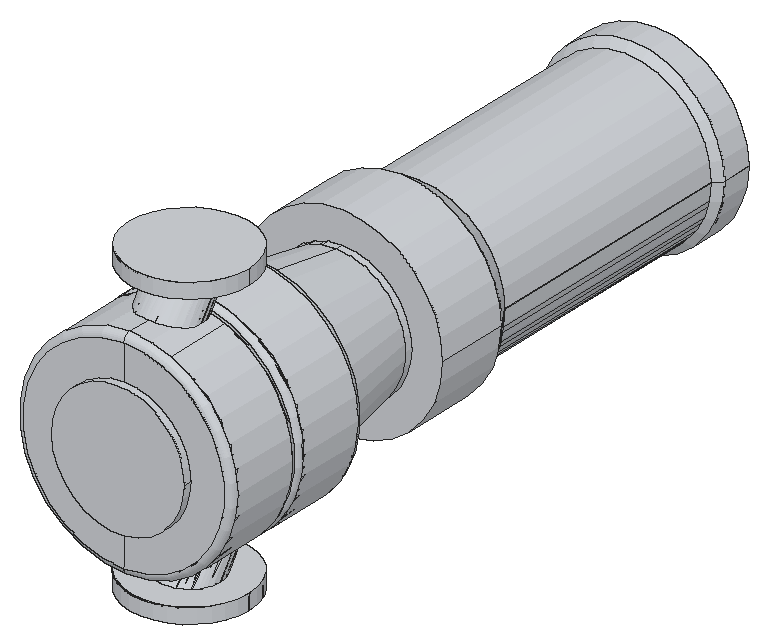
Revit family "M_Bomba em linha - Circulador", category Equipamento mecânico, Revit 2019
Family settings
  Cota do conector redondo = Usar raio
  Classificação = Bomba
  Tipo de parte = Quebra em
  Número OmniClass = 23.60.30.21
  Título OmniClass = Pumps
  ID de item do Seek = Inline Pump - Circulator-0000-CAN-ENU
  Com base no plano de trabalho = Não
  Sempre na vertical = Sim
  Corte com vazios quando carregada = Não
  Compartilhado = Não
  Ponto de cálculo do ambiente = Não
Parameters (values of type "3,9 LPS - 0,8 Extremidade do medidor")
  Voltagem = 460 V
  Raio externo da sucção = Diâmetro externo da sucção / 2  # 26.25 mm
  Diâmetro externo da sucção = Diâmetro nominal da sucção + 12.5 mm  # 52.5 mm
  Raio nominal da sucção = 20 mm
  Diâmetro nominal da sucção = 2 * Raio nominal da sucção  # 40 mm
  Raio 3 = Raio externo 4 + 25.4 mm  # 56.432 mm
  Raio 2 = Raio externo 2 - 12.7 mm  # 72.8 mm
  Raio 1 = Raio externo 2 - 6.35 mm  # 79.15 mm
  RPM [instance] = 1450
  Material da bomba = none
  Raio externo 4 = Diâmetro externo 4 / 2  # 31.032 mm
  Raio externo 2 = Diâmetro externo 2 / 2  # 85.5 mm
  Raio externo 1 = Diâmetro externo 1 / 2  # 92 mm
  Diâmetro externo 4 = 0.18 * Comprimento 2  # 62.064 mm
  Diâmetro externo 2 = 171 mm
  Diâmetro externo 1 = 184 mm
  Número de pólos = 3
  Classificação de carga = Eletrodoméstico - Unidade de interrupção
  Comprimento 4 = (Altura da flange - Raio externo 1 - 6.35 mm) * tan(34.00°)  # 21.348 mm
  Comprimento 3 = Comprimento 2 * 0.18  # 62.064 mm
  Comprimento 2 = 0.8 * Comprimento 1  # 344.8 mm
  Comprimento 1 = 431 mm
  Largura da habitação = 152 mm
  Raio da flange = Diâmetro da flange / 2  # 51 mm
  Altura da flange = 130 mm
  Diâmetro da flange = 102 mm
  Raio nominal da descarga = 20 mm
  Diâmetro nominal da descarga = 2 * Raio nominal da descarga  # 40 mm
  Carga aparente = 542 VA
Types (3, lengths in mm): name | Raio externo da sucção | Diâmetro externo da sucção | Raio nominal da sucção | Diâmetro nominal da sucção | Raio 3 | Raio 2 | Raio 1 | Raio externo 4 | Raio externo 2 | Raio externo 1 | Diâmetro externo 4 | Diâmetro externo 2 | Diâmetro externo 1 | Comprimento 4 | Comprimento 3 | Comprimento 2 | Comprimento 1 | Raio da flange | Altura da flange | Diâmetro da flange | Raio nominal da descarga | Diâmetro nominal da descarga | Carga aparente
  (no name) | 26.25 | 52.5 | 20 | 40 | 56.432 | 72.8 | 79.15 | 31.032 | 85.5 | 92 | 62.064 | 171 | 184 | 21.348 | 62.064 | 344.8 | 431 | 51 | 130 | 102 | 20 | 40 | 542 VA
  3,9 LPS - 0,8 Extremidade do medidor | 26.25 | 52.5 | 20 | 40 | 56.432 | 72.8 | 79.15 | 31.032 | 85.5 | 92 | 62.064 | 171 | 184 | 21.348 | 62.064 | 344.8 | 431 | 51 | 130 | 102 | 20 | 40 | 542 VA
  4,6 LPS - 2,9 Extremidade do medidor | 31.25 | 62.5 | 25 | 50 | 67.376 | 100.8 | 107.15 | 41.976 | 113.5 | 127 | 83.952 | 227 | 254 | 34.164 | 83.952 | 466.4 | 583 | 57 | 184 | 114 | 25 | 50 | 1254 VA
Reference planes
  plane 1 "Centro (Frente/Trás)": y = 0
  plane 2: z = 0
  plane 3 "Centro (Esquerda/Direita)": x = 0
  plane 4: z = 130
  plane 5: z = 260
  plane 6: z = 222
  plane 7: z = 38
  plane 8: y = 76
  plane 9: y = -76
  plane 10: y = 69.65
  plane 11: y = -69.65
  plane 12: y = 63.3
  plane 13: y = -63.3
  plane 14: z = 215.65
  plane 15: z = 44.35
  plane 16: y = 6.35
  plane 17: y = -6.35
  plane 18: y = 507
  plane 19: y = 215.5
  plane 20: y = 162.2
  plane 21: y = 224.264
  plane 22: y = 243.314
  plane 23: y = 155.85
  plane 24: z = 57.2
  plane 25: y = 494.3
  plane 26: y = 468.9
  plane 27: y = 462.55
  plane 28: z = 247.3
  plane 29: z = 12.7
  plane 30: y = 21.348
  plane 31: y = -21.348
  plane 32: x = -92
  plane 33: x = 92
Forms (mm)
  Revolve 1, solid, material <- "Material da bomba"
    sketch origin (0, 0, 0) x (0, 1, 0) y (0, 0, 1)
      loop
        line (69.65, 130) -> (69.65, 215.65)
        arc (69.65, 215.65) -> (67.79, 220.14) -> (63.3, 222) r 6.35
        line (63.3, 222) -> (6.35, 222)
        arc (6.35, 222) -> (1.86, 220.14) -> (0, 215.65) r 6.35
        arc (0, 215.65) -> (-1.86, 220.14) -> (-6.35, 222) r 6.35
        line (-6.35, 222) -> (-63.3, 222)
        arc (-63.3, 222) -> (-67.79, 220.14) -> (-69.65, 215.65) r 6.35
        line (-69.65, 215.65) -> (-69.65, 130) -> (69.65, 130)
      axis (69.65, 130) -> (-69.65, 130)
    angle from 0 to 360
  Extrusion 2, solid, material <- "Material da bomba"
    sketch origin (0, 0, 0) x (1, 0, 0) y (0, 0, 1)
      loop
        circle (0, 130) r 56.432
    from 76 to 69.65
  Extrusion 3, solid, material <- "Material da bomba"
    sketch origin (0, 0, 0) x (1, 0, 0) y (0, 0, 1)
      loop
        circle (0, 130) r 72.8
    from -76 to -69.65
  Revolve 4, solid, material <- "Material da bomba"
    sketch origin (0, 0, 0) x (0, 1, 0) y (0, 0, 1)
      loop
        line (76, 130) -> (76, 57.2) -> (155.85, 71.28) -> (162.2, 71.28) -> (162.2, 130) -> (76, 130)
      axis (162.2, 130) -> (76, 130)
    angle from 0 to 360
  Extrusion 5, solid, material <- "Material da bomba"
    sketch origin (0, 0, 0) x (1, 0, 0) y (0, 0, 1)
      loop
        circle (0, 130) r 85.5
    from -162.2 to -224.264
  Extrusion 6, solid, material <- "Material da bomba"
    sketch origin (0, 0, 0) x (1, 0, 0) y (0, 0, 1)
      loop
        circle (0, 130) r 72.8
    from -243.314 to -462.55
  Blend 7, solid, material <- "Material da bomba"
    base sketch origin (0, 0, 0) x (1, 0, 0) y (0, 0, 1)
      loop
        circle (0, 130) r 72.8
    top sketch origin (0, 0, 0) x (1, 0, 0) y (0, 0, 1)
      loop
        circle (0, 130) r 85.5
    from -243.314 to -224.264
  Extrusion 8, solid, material <- "Material da bomba"
    sketch origin (0, 0, 0) x (1, 0, 0) y (0, 0, 1)
      loop
        circle (0, 130) r 79.15
    from -468.9 to -494.3
  Blend 9, solid, material <- "Material da bomba"
    base sketch origin (0, 0, 0) x (1, 0, 0) y (0, 0, 1)
      loop
        circle (0, 130) r 79.15
    top sketch origin (0, 0, 0) x (1, 0, 0) y (0, 0, 1)
      loop
        circle (0, 130) r 72.8
    from -468.9 to -462.55
  Extrusion 10, solid, material <- "Material da bomba"
    sketch origin (0, 0, 0) x (1, 0, 0) y (0, 0, 1)
      loop
        circle (0, 130) r 31.032
    from -507 to -494.3
  Extrusion 11, solid, material <- "Material da bomba"
    sketch origin (0, 0, 0) x (1, 0, 0) y (0, 1, 0)
      loop
        circle (0, 0) r 51
    from 247.3 to 260
  Extrusion 12, solid, material <- "Material da bomba"
    sketch origin (0, 0, 0) x (1, 0, 0) y (0, 1, 0)
      loop
        circle (0, 0) r 51
    from 12.7 to 0
  Blend 13, solid, material <- "Material da bomba"
    base sketch origin (0, 0, 0) x (1, 0, 0) y (0, 1, 0)
      loop
        circle (0, 0) r 26.25
    top sketch origin (0, 0, 0) x (1, 0, 0) y (0, 1, 0)
      loop
        circle (0, -21.348) r 26.25
    from 247.3 to 215.65
  Blend 14, solid, material <- "Material da bomba"
    base sketch origin (0, 0, 0) x (1, 0, 0) y (0, 1, 0)
      loop
        circle (0, 0) r 26.25
    top sketch origin (0, 0, 0) x (1, 0, 0) y (0, 1, 0)
      loop
        circle (0, 21.348) r 26.25
    from 12.7 to 44.35
  Revolve 15, solid, material <- "Material da bomba", detail levels fine
    sketch origin (0, 0, 0) x (0, 1, 0) y (0, 0, 1)
      loop
        line (69.65, 130) -> (69.65, 215.65)
        arc (69.65, 215.65) -> (67.79, 220.14) -> (63.3, 222) r 6.35
        line (63.3, 222) -> (6.35, 222)
        arc (6.35, 222) -> (1.86, 220.14) -> (0, 215.65) r 6.35
        arc (0, 215.65) -> (-1.86, 220.14) -> (-6.35, 222) r 6.35
        line (-6.35, 222) -> (-63.3, 222)
        arc (-63.3, 222) -> (-67.79, 220.14) -> (-69.65, 215.65) r 6.35
        line (-69.65, 215.65) -> (-69.65, 130) -> (69.65, 130)
      axis (69.65, 130) -> (-69.65, 130)
    angle from 0 to 360
  Revolve 16, solid, material <- "Material da bomba", detail levels fine
    sketch origin (0, 0, 0) x (0, 1, 0) y (0, 0, 1)
      loop
        line (76, 130) -> (76, 57.2) -> (155.85, 71.28) -> (162.2, 71.28) -> (162.2, 130) -> (76, 130)
      axis (162.2, 130) -> (76, 130)
    angle from 0 to 360
  Extrusion 17, solid, material <- "Material da bomba", detail levels fine
    sketch origin (0, 0, 0) x (1, 0, 0) y (0, 0, 1)
      loop
        circle (0, 130) r 72.8
    from -76 to -69.65
  Extrusion 18, solid, material <- "Material da bomba", detail levels fine
    sketch origin (0, 0, 0) x (1, 0, 0) y (0, 0, 1)
      loop
        circle (0, 130) r 56.432
    from 69.65 to 76
  Extrusion 19, solid, material <- "Material da bomba", detail levels fine
    sketch origin (0, 0, 0) x (1, 0, 0) y (0, 0, 1)
      loop
        circle (0, 130) r 85.5
    from -162.2 to -224.264
  Extrusion 20, solid, material <- "Material da bomba", detail levels fine
    sketch origin (0, 0, 0) x (1, 0, 0) y (0, 0, 1)
      loop
        circle (0, 130) r 72.8
    from -462.55 to -243.314
  Blend 21, solid, material <- "Material da bomba", detail levels fine
    base sketch origin (0, 0, 0) x (1, 0, 0) y (0, 0, 1)
      loop
        circle (0, 130) r 85.5
    top sketch origin (0, 0, 0) x (1, 0, 0) y (0, 0, 1)
      loop
        circle (0, 130) r 72.8
    from -224.264 to -243.314
  Extrusion 22, solid, material <- "Material da bomba", detail levels fine
    sketch origin (0, 0, 0) x (1, 0, 0) y (0, 0, 1)
      loop
        circle (0, 130) r 79.15
    from -468.9 to -494.3
  Blend 23, solid, material <- "Material da bomba", detail levels fine
    base sketch origin (0, 0, 0) x (1, 0, 0) y (0, 0, 1)
      loop
        circle (0, 130) r 79.15
    top sketch origin (0, 0, 0) x (1, 0, 0) y (0, 0, 1)
      loop
        circle (0, 130) r 72.8
    from -468.9 to -462.55
  Extrusion 24, solid, material <- "Material da bomba", detail levels fine
    sketch origin (0, 0, 0) x (1, 0, 0) y (0, 0, 1)
      loop
        circle (0, 130) r 31.032
    from -494.3 to -507
  Extrusion 25, solid, material <- "Material da bomba", detail levels fine
    sketch origin (0, 0, 0) x (1, 0, 0) y (0, 1, 0)
      loop
        circle (0, 0) r 51
    from 247.3 to 260
  Extrusion 26, solid, material <- "Material da bomba", detail levels fine
    sketch origin (0, 0, 0) x (1, 0, 0) y (0, 1, 0)
      loop
        circle (0, -0.64) r 51
    from 0 to 12.7
  Blend 27, solid, material <- "Material da bomba", detail levels fine
    base sketch origin (0, 0, 0) x (1, 0, 0) y (0, 1, 0)
      loop
        circle (0, -0.64) r 26.25
    top sketch origin (0, 0, 0) x (1, 0, 0) y (0, 1, 0)
      loop
        circle (0, -21.348) r 26.25
    from 247.3 to 215.65
  Blend 28, solid, material <- "Material da bomba", detail levels fine
    base sketch origin (0, 0, 0) x (1, 0, 0) y (0, 1, 0)
      loop
        circle (0, 21.348) r 26.25
    top sketch origin (0, 0, 0) x (1, 0, 0) y (0, 1, 0)
      loop
        circle (0, 0) r 26.25
    from 44.35 to 12.7
Cuts and joins
  joined: Revolve 1, Extrusion 2, Extrusion 3, Revolve 4, Extrusion 5, Extrusion 6, Blend 7, Extrusion 8, Blend 9, Extrusion 10, Extrusion 11, Extrusion 12, Blend 13, Blend 14
  joined: Revolve 15, Revolve 16, Extrusion 17, Extrusion 18, Extrusion 19, Extrusion 20, Blend 21, Extrusion 22, Blend 23, Extrusion 24, Extrusion 25, Extrusion 26, Blend 27, Blend 28
Lines and regions (mm)
  symbolic lines, detail levels coarse+medium
    curve 1: line (-92, 507, 0) -> (92, 507, 0)
    curve 2: line (-92, -76, 0) -> (-92, 507, 0)
    curve 3: line (92, -76, 0) -> (-92, -76, 0)
    curve 4: line (92, 507, 0) -> (92, -76, 0)
Dimensions and locks
  "Altura da flange": plane 4 to plane 2
  "Altura da flange": plane 5 to plane 4
  "Raio externo 1": plane 6 to plane 4
  "Raio externo 1": plane 4 to plane 7
  equal spacing: plane 9, plane 1 "Centro (Frente/Trás)", plane 8
  "Largura da habitação": plane 9 to plane 8
  locked: plane 8 to plane 10 at 6.35
  locked: plane 11 to plane 9 at 6.35
  locked: plane 10 to plane 12 at 6.35
  locked: plane 11 to plane 13 at 6.35
  locked: plane 6 to plane 14 at 6.35
  locked: plane 7 to plane 15 at 6.35
  locked: plane 1 "Centro (Frente/Trás)" to plane 17 at 6.35
  locked: plane 16 to plane 1 "Centro (Frente/Trás)" at 6.35
  "Comprimento 1": plane 18 to plane 8
  equal spacing: plane 18, plane 19, plane 9
  "Comprimento 2": plane 18 to plane 20
  "Comprimento 3": plane 21 to plane 20
  locked: plane 23 to plane 20 at 6.35
  locked: plane 22 to plane 21 at 19.05
  "Raio 2": plane 4 to plane 24
  locked: plane 18 to plane 25 at 12.7
  locked: plane 25 to plane 26 at 25.4
  locked: plane 27 to plane 26 at 6.35
  locked: plane 5 to plane 28 at 12.7
  locked: plane 2 to plane 29 at 12.7
  "Comprimento 4": plane 30 to plane 1 "Centro (Frente/Trás)"
  "Comprimento 4": plane 31 to plane 1 "Centro (Frente/Trás)"
  "Raio externo 1": plane 3 "Centro (Esquerda/Direita)" to plane 33
  "Raio externo 1": plane 32 to plane 3 "Centro (Esquerda/Direita)"
  "Raio 3": radius of Extrusion 2 sketch curve
  "Raio 2": radius of Extrusion 3 sketch curve
  "Raio externo 2": radius of Extrusion 5 sketch curve
  "Raio 2": radius of Extrusion 6 sketch curve
  "Raio 2": radius of Blend 7 sketch curve
  "Raio externo 2": radius of Blend 7 sketch curve
  "Raio 1": radius of Extrusion 8 sketch curve
  "Raio 1": radius of Blend 9 sketch curve
  "Raio 2": radius of Blend 9 sketch curve
  "Raio externo 4": radius of Extrusion 10 sketch curve
  "Raio da flange": radius of Extrusion 11 sketch curve
  "Raio da flange": radius of Extrusion 12 sketch curve
  "Raio externo da sucção": radius of Blend 13 sketch curve  (x2)
  "Raio externo da sucção": radius of Blend 14 sketch curve  (x2)
  "Raio 2": radius of Extrusion 17 sketch curve
  "Raio 3": radius of Extrusion 18 sketch curve
  "Raio externo 2": radius of Extrusion 19 sketch curve
  "Raio 2": radius of Extrusion 20 sketch curve
  "Raio externo 2": radius of Blend 21 sketch curve
  "Raio 2": radius of Blend 21 sketch curve
  "Raio 1": radius of Extrusion 22 sketch curve
  "Raio 1": radius of Blend 23 sketch curve
  "Raio 2": radius of Blend 23 sketch curve
  "Raio externo 4": radius of Extrusion 24 sketch curve
  "Raio da flange": radius of Extrusion 25 sketch curve
  "Raio da flange": radius of Extrusion 26 sketch curve
  "Raio externo da sucção": radius of Blend 27 sketch curve  (x2)
  "Raio externo da sucção": radius of Blend 28 sketch curve  (x2)
  angle Revolve 4 sketch curve to plane 24 = 10.00°
  angle Revolve 16 sketch curve to plane 24 = 10.00°
  aligned and locked: plane 1 "Centro (Frente/Trás)" to Revolve 1 sketch curve
  aligned and locked: plane 4 to Revolve 1 sketch curve
  aligned and locked: plane 3 "Centro (Esquerda/Direita)" to Extrusion 2 sketch curve
  aligned and locked: plane 4 to Extrusion 2 sketch curve
  aligned and locked: Extrusion 2 to plane 9
  aligned and locked: plane 11 to Extrusion 2
  aligned and locked: plane 3 "Centro (Esquerda/Direita)" to Extrusion 3 sketch curve
  aligned and locked: plane 4 to Extrusion 3 sketch curve
  aligned and locked: plane 8 to Extrusion 3
  aligned and locked: Extrusion 3 to plane 10
  aligned and locked: plane 23 to Revolve 4 sketch curve
  aligned and locked: plane 3 "Centro (Esquerda/Direita)" to Extrusion 5 sketch curve
  aligned and locked: plane 4 to Extrusion 5 sketch curve
  aligned and locked: plane 20 to Extrusion 5
  aligned and locked: plane 21 to Extrusion 5
  aligned and locked: plane 3 "Centro (Esquerda/Direita)" to Extrusion 6 sketch curve
  aligned and locked: plane 4 to Extrusion 6 sketch curve
  aligned and locked: plane 22 to Extrusion 6
  aligned and locked: plane 27 to Extrusion 6
  aligned and locked: plane 4 to Blend 7 sketch curve  (x2)
  aligned and locked: plane 3 "Centro (Esquerda/Direita)" to Blend 7 sketch curve  (x2)
  aligned and locked: plane 22 to Blend 7
  aligned and locked: Blend 7 to plane 21
  aligned and locked: plane 3 "Centro (Esquerda/Direita)" to Extrusion 8 sketch curve
  aligned and locked: plane 4 to Extrusion 8 sketch curve
  aligned and locked: plane 3 "Centro (Esquerda/Direita)" to Blend 9 sketch curve  (x2)
  aligned and locked: plane 4 to Blend 9 sketch curve  (x2)
  aligned and locked: plane 25 to Extrusion 8
  aligned and locked: plane 26 to Extrusion 8
  aligned and locked: Blend 9 to plane 26
  aligned and locked: Blend 9 to Extrusion 6
  aligned and locked: plane 3 "Centro (Esquerda/Direita)" to Extrusion 10 sketch curve
  aligned and locked: plane 4 to Extrusion 10 sketch curve
  aligned and locked: plane 18 to Extrusion 10
  aligned and locked: Extrusion 10 to plane 25
  aligned and locked: plane 3 "Centro (Esquerda/Direita)" to Extrusion 11 sketch curve
  aligned and locked: plane 1 "Centro (Frente/Trás)" to Extrusion 11 sketch curve
  aligned and locked: Extrusion 11 to plane 28
  aligned and locked: plane 5 to Extrusion 11
  aligned and locked: plane 1 "Centro (Frente/Trás)" to Extrusion 12 sketch curve
  aligned and locked: plane 3 "Centro (Esquerda/Direita)" to Extrusion 12 sketch curve
  aligned and locked: plane 29 to Extrusion 12
  aligned and locked: Extrusion 12 to plane 2
  aligned and locked: plane 3 "Centro (Esquerda/Direita)" to Blend 13 sketch curve  (x2)
  aligned and locked: plane 1 "Centro (Frente/Trás)" to Blend 13 sketch curve
  aligned and locked: plane 31 to Blend 13 sketch curve
  aligned and locked: Blend 13 to plane 28
  aligned and locked: Blend 13 to plane 14
  aligned and locked: plane 3 "Centro (Esquerda/Direita)" to Blend 14 sketch curve  (x2)
  aligned and locked: plane 1 "Centro (Frente/Trás)" to Blend 14 sketch curve
  aligned and locked: plane 30 to Blend 14 sketch curve
  aligned and locked: Blend 14 to plane 15
  aligned and locked: plane 29 to Blend 14
  aligned and locked: plane 23 to Revolve 16 sketch curve
  aligned and locked: plane 8 to Extrusion 17
  aligned and locked: Extrusion 17 to plane 10
  aligned and locked: plane 11 to Extrusion 18
  aligned and locked: plane 9 to Extrusion 18
  aligned and locked: plane 20 to Extrusion 19
  aligned and locked: plane 21 to Extrusion 19
  aligned and locked: plane 27 to Extrusion 20
  aligned and locked: Extrusion 20 to plane 22
  aligned and locked: plane 22 to Blend 21
  aligned and locked: Blend 21 to plane 21
  aligned and locked: Extrusion 22 to plane 26
  aligned and locked: plane 25 to Extrusion 22
  aligned and locked: Blend 23 to plane 26
  aligned and locked: Blend 23 to plane 27
  aligned and locked: plane 25 to Extrusion 24
  aligned and locked: plane 18 to Extrusion 24
  aligned and locked: plane 5 to Extrusion 25
  aligned and locked: Extrusion 25 to plane 28
  aligned and locked: Extrusion 26 to plane 29
  aligned and locked: Extrusion 26 to plane 2
  aligned and locked: plane 31 to Blend 27 sketch curve
  aligned and locked: plane 3 "Centro (Esquerda/Direita)" to Blend 27 sketch curve
  aligned and locked: plane 28 to Blend 27
  aligned and locked: Blend 27 to plane 14
  aligned and locked: plane 30 to Blend 28 sketch curve
  aligned and locked: plane 3 "Centro (Esquerda/Direita)" to Blend 28 sketch curve  (x2)
  aligned and locked: plane 1 "Centro (Frente/Trás)" to Blend 28 sketch curve
  aligned and locked: plane 15 to Blend 28
  aligned and locked: plane 29 to Blend 28
  aligned and locked: plane 32 to curve 1
  aligned and locked: curve 1 to plane 18
  aligned and locked: plane 9 to curve 4
  aligned and locked: curve 4 to plane 33
  aligned and locked: plane 3 "Centro (Esquerda/Direita)" to nested 1
  aligned and locked: nested 1 to plane 19
  aligned and locked: plane 1 "Centro (Frente/Trás)" to Extrusion 25 sketch curve
  aligned and locked: plane 3 "Centro (Esquerda/Direita)" to Extrusion 25 sketch curve
Automatic sketch dimensions
  Revolve 1 sketch curve to plane 4 = 0 mm
  Revolve 1 sketch curve to plane 11 = 0 mm
  Revolve 1 sketch curve to plane 6 = 0 mm  (x2)
  Revolve 1 sketch curve to plane 13 = 0 mm
  Revolve 1 sketch curve to plane 14 = 0 mm
  Revolve 1 sketch curve to plane 17 = 0 mm
  Revolve 1 sketch curve to plane 12 = 0 mm
  Revolve 1 sketch curve to plane 10 = 0 mm
  plane 9 to Revolve 1 sketch curve = 165.1 mm
  plane 8 to Revolve 1 sketch curve = 63.5 mm
  Revolve 4 sketch curve to plane 4 = 0 mm  (x2)
  Revolve 4 sketch curve to plane 8 = 0 mm
  Revolve 4 sketch curve to plane 20 = 0 mm
  Revolve 4 sketch curve to plane 24 = 0 mm
  Revolve 4 sketch curve to plane 16 = 16.51 mm
  plane 22 to Revolve 4 sketch curve = 20.371 mm
  Revolve 15 sketch curve to plane 4 = 0 mm  (x2)
  Revolve 15 sketch curve to plane 11 = 0 mm
  Revolve 15 sketch curve to plane 6 = 0 mm  (x2)
  Revolve 15 sketch curve to plane 13 = 0 mm
  Revolve 15 sketch curve to plane 17 = 0 mm
  Revolve 15 sketch curve to plane 1 "Centro (Frente/Trás)" = 0 mm  (x2)
  Revolve 15 sketch curve to plane 12 = 0 mm
  Revolve 15 sketch curve to plane 10 = 0 mm
  plane 9 to Revolve 15 sketch curve = 54.61 mm
  plane 23 to Revolve 15 sketch curve = 12.7 mm
  Revolve 16 sketch curve to plane 4 = 0 mm  (x2)
  Revolve 16 sketch curve to plane 8 = 0 mm
  Revolve 16 sketch curve to plane 20 = 0 mm
  Revolve 16 sketch curve to plane 24 = 0 mm
  Revolve 16 sketch curve to plane 30 = 11.1 mm
  Revolve 16 sketch curve to plane 21 = 31.75 mm
  Extrusion 17 sketch curve to plane 3 "Centro (Esquerda/Direita)" = 0 mm
  Extrusion 17 sketch curve to plane 4 = 0 mm
  Extrusion 18 sketch curve to plane 3 "Centro (Esquerda/Direita)" = 0 mm
  Extrusion 18 sketch curve to plane 4 = 0 mm
  Extrusion 19 sketch curve to plane 3 "Centro (Esquerda/Direita)" = 0 mm
  Extrusion 19 sketch curve to plane 4 = 0 mm
  Extrusion 20 sketch curve to plane 3 "Centro (Esquerda/Direita)" = 0 mm
  Extrusion 20 sketch curve to plane 4 = 0 mm
  Blend 21 sketch curve to plane 3 "Centro (Esquerda/Direita)" = 0 mm  (x2)
  Blend 21 sketch curve to plane 4 = 0 mm  (x2)
  Extrusion 22 sketch curve to plane 3 "Centro (Esquerda/Direita)" = 0 mm
  Extrusion 22 sketch curve to plane 4 = 0 mm
  Blend 23 sketch curve to plane 3 "Centro (Esquerda/Direita)" = 0 mm  (x2)
  Blend 23 sketch curve to plane 4 = 0 mm  (x2)
  Extrusion 24 sketch curve to plane 3 "Centro (Esquerda/Direita)" = 0 mm
  Extrusion 24 sketch curve to plane 4 = 0 mm
  Extrusion 26 sketch curve to plane 3 "Centro (Esquerda/Direita)" = 0 mm
  plane 1 "Centro (Frente/Trás)" to Extrusion 26 sketch curve = 0.64 mm
  Blend 27 sketch curve to plane 3 "Centro (Esquerda/Direita)" = 0 mm
  plane 1 "Centro (Frente/Trás)" to Blend 27 sketch curve = 0.64 mm
Nested families
  nested 1: "M_Símbolo da bomba" at (0, 215.5, 0), Raio do símbolo <- "Raio externo 1", type "Símbolo da bomba", detail levels coarse+medium
    with Raio do símbolo 92 mm, Comprimento do símbolo 2 79.674 mm, Comprimento do símbolo 1 46 mm
Connectors
  piping at (0, 0, 260), diameter 40, driven by "Raio nominal da sucção"
    settings: on cut or joined group 1 (Revolve 1, Extrusion 2, Extrusion 3, Revolve 4, Extrusion 5, Extrusion 6, Blend 7, Extrusion 8, Blend 9, Extrusion 10, Extrusion 11, Extrusion 12, Blend 13, Blend 14), index 1, connector inside diameter 40 mm, connector length 0 mm, flow factor 0, pipe flow 0.0 L/s, pressure drop 0.0 Pa, fitting loss kfactor 0, connector angle 0.00°, fixture units 0, engagement length 0 mm, angle of deflection 0.00°, flow configuration 0, flow direction 1, fitting loss method 0, system type 29, joint type 0, gender type 0, connector reference index 2, connector utility 0, adjustable connector no, is connector primary yes, connector description "Entrada de Água/Outro líquido"
  piping at (0, 0, 0), diameter 40, driven by "Raio nominal da descarga"
    settings: on cut or joined group 1, index 2, connector inside diameter 40 mm, connector length 0 mm, flow factor 0, pipe flow 0.0 L/s, pressure drop 0.0 Pa, fitting loss kfactor 0, connector angle 0.00°, fixture units 0, engagement length 0 mm, angle of deflection 0.00°, flow configuration 0, flow direction 2, fitting loss method 0, system type 29, joint type 0, gender type 0, connector reference index 1, connector utility 0, adjustable connector no, is connector primary no, connector description "Saída de água/outro líquido"
  electrical at (0, 507, 130), driven by "Voltagem", driven by "Carga aparente", driven by "Número de pólos", driven by "Classificação de carga"
    settings: on cut or joined group 1, index 3, voltage 460 V, apparent load 542 VA, apparent load phase1 0 VA, apparent load phase2 0 VA, apparent load phase3 0 VA, power factor 0.8, load classification "Eletrodoméstico - Unidade de interrupção", number of poles 3, system type 30, power factor state 1, is connector primary yes, connector utility no, sub classification motor no, connector description ""
Definition of nested family "M_Símbolo da bomba"
  Parameters
    Raio do símbolo [instance] = 609.6 mm
    Comprimento do símbolo 2 [instance] = cos(30.00°) * Raio do símbolo  # 527.929 mm
    Comprimento do símbolo 1 [instance] = sin(30.00°) * Raio do símbolo  # 304.8 mm
    Assembly Code = ""
  Reference planes
    plane 1 "Centro (Frente/Trás)": y = 0
    plane 2: z = 0
    plane 3 "Centro (Esquerda/Direita)": x = 0
    plane 4: y = 304.8
    plane 5: y = -609.6
    plane 6: x = -527.929
    plane 7: x = 527.929
  Lines and regions (mm)
    Filled region 1, type "Bloco de concreto", in view "Nível de referência"
      outline origin (0, 0, 0) x (1, 0, 0) y (0, 1, 0)
        loop
          line (-527.929, 304.8) -> (0, -609.6) -> (527.929, 304.8) -> (-527.929, 304.8)
    detail lines, in view "Nível de referência"
      curve 1: circle (0, 0, 0) r 609.6 normal (0, 0, 1)
  Dimensions and locks
    "Raio do símbolo": plane 1 "Centro (Frente/Trás)" to plane 5
    "Comprimento do símbolo 1": plane 4 to plane 1 "Centro (Frente/Trás)"
    "Comprimento do símbolo 2": plane 6 to plane 3 "Centro (Esquerda/Direita)"
    "Comprimento do símbolo 2": plane 3 "Centro (Esquerda/Direita)" to plane 7
    "Raio do símbolo": radius of curve 1
    aligned and locked: plane 3 "Centro (Esquerda/Direita)" to curve 1
    aligned and locked: plane 1 "Centro (Frente/Trás)" to curve 1
  Automatic sketch dimensions
    Filled region 1 sketch curve to plane 4 = 0 mm
    Filled region 1 sketch curve to plane 6 = 0 mm
    Filled region 1 sketch curve to plane 3 "Centro (Esquerda/Direita)" = 0 mm
    Filled region 1 sketch curve to plane 7 = 0 mm
    Filled region 1 sketch curve to plane 5 = 0 mm
